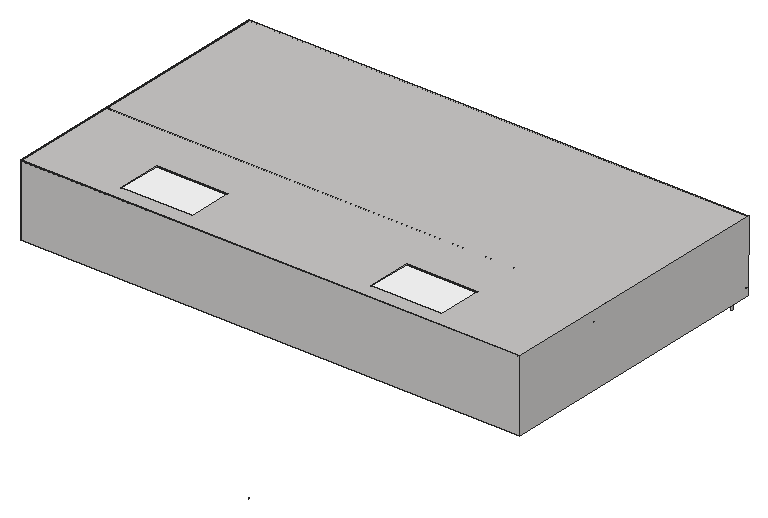
Revit family "QF_ZANUSSI_640033_EPF1628", category Attrezzature speciali, Revit 2021
Family settings
  Quota connettore circolare = Usa diametro
  Tipo di parte = Normale
  Basato su piano di lavoro = No
  Sempre verticale = Sì
  Taglio con vuoti quando caricato = No
  Condiviso = No
  Punto di calcolo locali = No
Parameters (values of type "Standard")
  Weight = 68.00 kg
  Watts = 0 W
  Volts = 0 V
  URL Manufacturer = "http://www.zanussiprofessional.com"
  URL = "http://www.zanussiprofessional.com"
  Steam Supply Size = 0 mm
  Steam Supply Minimum Pressure = 0.0 Pa
  Steam Supply Maximum Pressure = 0.0 Pa
  Steam Consumption per Hour = 0
  Refrigeration Suction Line Size = 0 mm
  Refrigeration Liquid Line Size = 0 mm
  Refrigerant Compressor Remote = yes
  Prospetto di default = 0 mm
  Produttore = "Zanussi"
  Phase = 0
  Modello = "EPF1628"
  Length Actual = 2800 mm  # constant formula
  Item Number = "640033"
  Hot Water Size = 0 mm
  Height Actual = 400 mm  # constant formula
  HP = "0 HP"
  Gas Size = 0 mm
  Gas KW = 0
  Gas Input Pressure = 0 W
  Direct Waste Size = 0 mm
  Descrizione = "304 S/S WALL HOOD+FILTERS 280X160 CM"
  Depth Actual = 1600 mm  # constant formula
  Cycle = 0 Hz
  Condensate Return Size = 0 mm
  Compressed Air Volume = 0.0 L/s
  Compressed Air Size = 0 mm
  Compressed Air Pressure = 0.0 Pa
  Cold Water Size = 0 mm
  Accessory = yes
Reference planes
  plane 1: z = 0
  plane 2 "Center (Left/Right)": x = 150
  plane 3 "LEFT": x = -1250
  plane 4 "RIGHT": x = 1550
  plane 5 "BACK": y = 550
  plane 6 "TOP": z = 2400
  plane 7 "Base": z = 2000
  plane 8: z = 1970
  plane 9 "DrainY": y = 450
  plane 10: x = -1247
  plane 11: y = -720
  plane 12: y = -970
  plane 13 "DrainX": x = 1537
  plane 14 "AOLeft2": x = -350
  plane 15 "AORight1": x = 650
  plane 16: x = 1547
  plane 17: x = -1050
  plane 18: x = 1350
  plane 19: through (0, -449.6, 2399.19) normal (0, -0.5736, 0.8192)
  plane 20: x = 50
  plane 21: x = 250
  plane 22 "Center (Front/Back)": y = -250
  plane 23 "Front": y = -1050
  plane 24 "AOLeft1": x = -750
  plane 25 "AORight2": x = 1050
Forms (mm)
  Extrusion 1, solid, material "QF_Finishes_Stainless Steel"
    sketch origin (-1250, 0, 360) x (0, 1, 0) y (0, 0, 1)
      loop
        line (550, 1640) -> (550, 2040) -> (-1050, 2040) -> (-1050, 1640) -> (550, 1640)
    from 0 to 3
  Extrusion 2, solid, material "QF_Finishes_Stainless Steel"
    sketch origin (1550, 0, 360) x (0, 1, 0) y (0, 0, 1)
      loop
        line (550, 1640) -> (550, 2040) -> (-1050, 2040) -> (-1050, 1640) -> (550, 1640)
    from 0 to -3
  Extrusion 3, solid, material "QF_Finishes_Stainless Steel"
    sketch origin (150, 0, 360) x (0, 1, 0) y (0, 0, 1)
      loop
        line (-1050, 2040) -> (-1050, 1640) -> (-1040, 1640) -> (-1040, 1640.8) -> (-1049.2, 1640.8) -> (-1049.2, 2039.19) -> (549.2, 2039.19) -> (549.2, 1640.8) -> (540, 1640.8) -> (540, 1640) -> (550, 1640) -> (550, 2040) -> (-1050, 2040)
    from -1400 to 1400
  Extrusion 4, solid, material "QF_Finishes_Stainless Steel"
    sketch origin (0, 0, 2000) x (0, 1, 0) y (-1, 0, 0)
      loop
        circle (450, -1537) r 4.763
    from -30 to 0
  Extrusion 5, void
    sketch origin (0, 0, 2400) x (0, 1, 0) y (-1, 0, 0)
      loop
        line (-720, 350) -> (-720, 750) -> (-970, 750) -> (-970, 350) -> (-720, 350)
    from 0 to -10
  Extrusion 6, solid, material "QF_Finishes_Stainless Steel"
    sketch origin (0, 0, 0) x (1, 0, 0) y (0, 1, 0)
      loop
        line (-1250, 550) -> (-1250, 549) -> (-1249, 549) -> (-1249, 550) -> (-1250, 550)
    from 0 to 1
  Extrusion 7, solid, material "QF_Finishes_Stainless Steel"
    sketch origin (150, 0, 360) x (0, 1, 0) y (0, 0, 1)
      loop
        line (-531.515, 1981.832) -> (-534.381, 1985.926) -> (-973.276, 1678.608) -> (-970.553, 1674.415) -> (-531.515, 1981.832)
    from -1200 to -1397
  Extrusion 8, solid, material "QF_Finishes_Stainless Steel"
    sketch origin (150, 0, 360) x (0, 1, 0) y (0, 0, 1)
      loop
        line (-1050, 2039.19) -> (-1050, 1640) -> (-1019.702, 1640) -> (-970.553, 1674.415) -> (-978.723, 1686.995) -> (-979.394, 1686.559) -> (-971.645, 1674.627) -> (-1019.955, 1640.8) -> (-1049.2, 1640.8) -> (-1049.2, 2039.19) -> (-1050, 2039.19)
      loop
        line (-449.6, 2039.19) -> (-450.995, 2039.19) -> (-531.319, 1982.947) -> (-539.464, 1994.578) -> (-540.119, 1994.12) -> (-531.515, 1981.832) -> (-449.6, 2039.19)
    from -1397 to 1397
  Extrusion 9, solid, material "QF_Finishes_Stainless Steel"
    sketch origin (150, 0, 360) x (0, 1, 0) y (0, 0, 1)
      loop
        line (-531.515, 1981.832) -> (-534.381, 1985.926) -> (-973.276, 1678.608) -> (-970.553, 1674.415) -> (-531.515, 1981.832)
    from 1397 to 1200
  Extrusion 10, solid, material "QF_Finishes_Stainless Steel"
    sketch origin (150, 0, 360) x (0, 1, 0) y (0, 0, 1)
      loop
        line (-531.515, 1981.832) -> (-534.381, 1985.926) -> (-973.276, 1678.608) -> (-970.553, 1674.415) -> (-531.515, 1981.832)
    from -100 to 100
  Extrusion 11, solid, material "QF_Finished_Chrome"
    sketch origin (150, 0, 360) x (0, 1, 0) y (0, 0, 1)
      loop
        line (-531.515, 1981.832) -> (-534.381, 1985.926) -> (-973.276, 1678.608) -> (-970.553, 1674.415) -> (-531.515, 1981.832)
    from -1200 to -100
  Extrusion 12, solid, material "QF_Finished_Chrome"
    sketch origin (150, 0, 360) x (0, 1, 0) y (0, 0, 1)
      loop
        line (-531.515, 1981.832) -> (-534.381, 1985.926) -> (-973.276, 1678.608) -> (-970.553, 1674.415) -> (-531.515, 1981.832)
    from 100 to 1200
  Sweep 13, solid, material "QF_Finishes_Stainless Steel"
    path origin (0, 0, 0) x (1, 0, 0) y (0, 1, 0)
      loop
        line (1550, 550) -> (-1250, 550) -> (-1250, -1050) -> (1550, -1050) -> (1550, 550)
    profile origin (1550, -250, 0) x (1, 0, 0) y (0, 0, 1)
      loop
        line (-3, 2000) -> (-3, 2000.8) -> (-19, 2000.8) -> (-19, 2010) -> (-20, 2010) -> (-20, 2000) -> (-3, 2000)
  Extrusion 14, solid, material "QF_Finishes_Stainless Steel"
    sketch origin (150, 0, 0) x (0, 1, 0) y (0, 0, 1)
      loop
        line (108.687, 2305.487) -> (549.2, 2040.8) -> (549.2, 2041.733) -> (109.285, 2306.061) -> (-443.438, 2399.19) -> (-445.739, 2399.19) -> (108.687, 2305.487)
    from -1397 to 1397
  Extrusion 15, void
    sketch origin (0, 0, 2400) x (0, 1, 0) y (-1, 0, 0)
      loop
        line (-720, -1050) -> (-720, -650) -> (-970, -650) -> (-970, -1050) -> (-720, -1050)
    from 0 to -10
Cuts and joins
  Extrusion 5, Extrusion 15 cuts Extrusion 3
  joined: Extrusion 2, Extrusion 3, Sweep 13
Lines and regions (mm)
  symbolic lines, style "SpecialityEquipment", detail levels coarse
    curve 1: line (1550, 550, 2400) -> (-1250, 550, 2400)
    curve 2: line (-1250, 550, 2400) -> (-1250, -1050.8, 2400)
    curve 3: line (1550, -1050.8, 2400) -> (1550, 550, 2400)
    curve 4: line (-1250, 550, 0) -> (1550, -1050, 0)
    curve 5: line (1550, 550, 0) -> (-1250, -1050, 0)
  symbolic lines, detail levels coarse
    curve 6: line (-1250, -1050, 0) -> (1550, -1050, 0)
    curve 7: line (-350, -720, 0) -> (-750, -720, 0)
    curve 8: line (-350, -970, 0) -> (-350, -720, 0)
    curve 9: line (-750, -970, 0) -> (-350, -970, 0)
    curve 10: line (-750, -720, 0) -> (-750, -970, 0)
    curve 11: line (1050, -720, 0) -> (650, -720, 0)
    curve 12: line (1050, -970, 0) -> (1050, -720, 0)
    curve 13: line (650, -970, 0) -> (1050, -970, 0)
    curve 14: line (650, -720, 0) -> (650, -970, 0)
Dimensions and locks
  plane 3 "LEFT" to plane 4 "RIGHT" = 2800 mm
  equal spacing: plane 3 "LEFT", plane 2 "Center (Left/Right)", plane 4 "RIGHT"
  plane 7 "Base" to plane 8 = 30 mm
  plane 5 "BACK" to plane 9 "DrainY" = 100 mm  (x2)
  plane 3 "LEFT" to plane 10 = 3 mm
  plane 13 "DrainX" to plane 4 "RIGHT" = 13 mm
  plane 16 to plane 4 "RIGHT" = 3 mm
  plane 3 "LEFT" to plane 17 = 200 mm
  plane 18 to plane 4 "RIGHT" = 200 mm
  locked: plane 14 "AOLeft2" to plane 15 "AORight1" at 1000
  equal spacing: plane 14 "AOLeft2", plane 2 "Center (Left/Right)", plane 15 "AORight1"
  locked: plane 7 "Base" to level at 2000
  locked: plane 6 "TOP" to plane 7 "Base" at 400
  locked: plane 20 to plane 21 at 200
  equal spacing: plane 20, plane 2 "Center (Left/Right)", plane 21
  locked: plane 11 to plane 12 at 250
  plane 5 "BACK" to plane 23 "Front" = 1600 mm  (x2)
  equal spacing: plane 5 "BACK", plane 22 "Center (Front/Back)", plane 23 "Front"
  plane 12 to plane 23 "Front" = 80 mm
  plane 24 "AOLeft1" to plane 14 "AOLeft2" = 400 mm
  plane 15 "AORight1" to plane 25 "AORight2" = 400 mm
  aligned and locked: level to plane 1
  aligned and locked: plane 4 "RIGHT" to Extrusion 3
  aligned and locked: Extrusion 3 to plane 3 "LEFT"
  aligned and locked: Extrusion 5 to plane 12
  aligned and locked: Extrusion 5 to plane 11
  aligned and locked: Extrusion 7 to plane 10
  aligned and locked: Extrusion 7 to plane 17
  aligned and locked: Extrusion 2 to plane 16
  aligned and locked: plane 16 to Extrusion 9
  aligned and locked: plane 18 to Extrusion 9
  aligned and locked: Extrusion 10 to plane 21
  aligned and locked: Extrusion 10 to plane 20
  aligned and locked: Extrusion 11 to plane 20
  aligned and locked: plane 17 to Extrusion 11
  aligned and locked: Extrusion 12 to plane 21
  aligned and locked: Extrusion 12 to plane 18
  aligned and locked: Extrusion 14 to plane 10
  aligned and locked: plane 16 to Extrusion 14
  aligned and locked: Extrusion 8 to plane 10
  aligned and locked: Extrusion 8 to plane 16
  aligned and locked: Extrusion 1 to plane 23 "Front"
  aligned and locked: Extrusion 5 to plane 24 "AOLeft1"
  aligned and locked: Extrusion 5 to plane 14 "AOLeft2"
  aligned and locked: plane 15 "AORight1" to Extrusion 15
  aligned and locked: plane 25 "AORight2" to Extrusion 15
Automatic sketch dimensions
  curve 6 to plane 3 "LEFT" = 0 mm
  curve 4 to plane 3 "LEFT" = 0 mm
  curve 5 to plane 4 "RIGHT" = 0 mm
  curve 6 to plane 4 "RIGHT" = 0 mm
  curve 4 to plane 23 "Front" = 0 mm
  curve 5 to plane 5 "BACK" = 0 mm
  curve 4 to plane 5 "BACK" = 0 mm
  curve 2 to plane 3 "LEFT" = 0 mm
  curve 3 to plane 4 "RIGHT" = 0 mm
  curve 2 to plane 5 "BACK" = 0 mm
  curve 3 to plane 23 "Front" = 0.8 mm
  curve 2 to plane 23 "Front" = 0.8 mm
  Extrusion 1 sketch curve to plane 7 "Base" = 0 mm
  Extrusion 1 sketch curve to plane 23 "Front" = 0 mm
  Extrusion 1 sketch curve to plane 5 "BACK" = 0 mm
  Extrusion 1 sketch curve to plane 6 "TOP" = 0 mm
  Extrusion 2 sketch curve to plane 7 "Base" = 0 mm
  Extrusion 2 sketch curve to plane 23 "Front" = 0 mm
  Extrusion 2 sketch curve to plane 5 "BACK" = 0 mm
  Extrusion 2 sketch curve to plane 6 "TOP" = 0 mm
  Extrusion 3 sketch curve to plane 6 "TOP" = 0 mm
  Extrusion 3 sketch curve to plane 23 "Front" = 0 mm
  Extrusion 3 sketch curve to plane 7 "Base" = 0 mm  (x2)
  Extrusion 3 sketch curve to plane 5 "BACK" = 0 mm
  plane 23 "Front" to Extrusion 3 sketch curve = 0.8 mm
  Extrusion 3 sketch curve to Extrusion 3 sketch curve = 9.2 mm
  plane 7 "Base" to Extrusion 3 sketch curve = 0.8 mm  (x2)
  Extrusion 3 sketch curve to plane 5 "BACK" = 10 mm
  Extrusion 3 sketch curve to plane 5 "BACK" = 0.8 mm
  Extrusion 3 sketch curve to plane 6 "TOP" = 0.81 mm
  Extrusion 4 sketch curve to plane 9 "DrainY" = 0 mm
  Extrusion 4 sketch curve to plane 13 "DrainX" = 0 mm
  Extrusion 5 sketch curve to plane 12 = 0 mm
  plane 11 to Extrusion 5 sketch curve = 0 mm
  Extrusion 5 sketch curve to plane 14 "AOLeft2" = 0 mm
  Extrusion 5 sketch curve to plane 24 "AOLeft1" = 0 mm
  Extrusion 6 sketch curve to plane 3 "LEFT" = 0 mm
  Extrusion 6 sketch curve to plane 5 "BACK" = 0 mm
  plane 3 "LEFT" to Extrusion 6 sketch curve = 1 mm
  Extrusion 6 sketch curve to Extrusion 6 sketch curve = 1 mm
  Extrusion 7 sketch curve to plane 19 = 0 mm  (x2)
  Extrusion 7 sketch curve to plane 12 = 3.276 mm
  Extrusion 7 sketch curve to plane 12 = 0.553 mm
  Extrusion 7 sketch curve to plane 6 "TOP" = 54.074 mm
  Extrusion 7 sketch curve to plane 11 = 185.619 mm
  Extrusion 8 sketch curve to plane 23 "Front" = 0 mm
  Extrusion 8 sketch curve to plane 7 "Base" = 0 mm
  Extrusion 8 sketch curve to plane 19 = 0 mm  (x4)
  plane 23 "Front" to Extrusion 8 sketch curve = 0.8 mm
  Extrusion 8 sketch curve to Extrusion 8 sketch curve = 0.252 mm
  Extrusion 8 sketch curve to plane 12 = 9.394 mm
  Extrusion 8 sketch curve to Extrusion 8 sketch curve = 0.671 mm
  Extrusion 8 sketch curve to plane 12 = 1.645 mm
  Extrusion 8 sketch curve to plane 12 = 0.553 mm
  Extrusion 8 sketch curve to plane 6 "TOP" = 45.88 mm
  Extrusion 8 sketch curve to plane 11 = 179.881 mm
  Extrusion 8 sketch curve to plane 6 "TOP" = 45.422 mm
  Extrusion 8 sketch curve to plane 6 "TOP" = 57.053 mm
  Extrusion 8 sketch curve to plane 6 "TOP" = 0.81 mm  (x2)
  plane 7 "Base" to Extrusion 8 sketch curve = 0.8 mm
  Extrusion 8 sketch curve to Extrusion 8 sketch curve = 0.212 mm
  Extrusion 9 sketch curve to plane 19 = 0 mm  (x2)
  Extrusion 9 sketch curve to plane 12 = 3.276 mm
  Extrusion 9 sketch curve to plane 12 = 0.553 mm
  Extrusion 9 sketch curve to plane 6 "TOP" = 54.074 mm
  Extrusion 9 sketch curve to plane 11 = 185.619 mm
  Extrusion 10 sketch curve to plane 19 = 0 mm  (x2)
  Extrusion 10 sketch curve to plane 12 = 3.276 mm
  Extrusion 10 sketch curve to plane 12 = 0.553 mm
  Extrusion 10 sketch curve to plane 6 "TOP" = 54.074 mm
  Extrusion 10 sketch curve to plane 11 = 185.619 mm
  Extrusion 11 sketch curve to plane 19 = 0 mm  (x2)
  Extrusion 11 sketch curve to plane 12 = 3.276 mm
  Extrusion 11 sketch curve to plane 12 = 0.553 mm
  Extrusion 11 sketch curve to plane 6 "TOP" = 54.074 mm
  Extrusion 11 sketch curve to plane 11 = 185.619 mm
  Extrusion 12 sketch curve to plane 19 = 0 mm  (x2)
  Extrusion 12 sketch curve to plane 12 = 3.276 mm
  Extrusion 12 sketch curve to plane 12 = 0.553 mm
  Extrusion 12 sketch curve to plane 6 "TOP" = 54.074 mm
  Extrusion 12 sketch curve to plane 11 = 185.619 mm
  Sweep 13 sketch curve to plane 3 "LEFT" = 0 mm
  Sweep 13 sketch curve to plane 4 "RIGHT" = 0 mm
  Sweep 13 sketch curve to plane 23 "Front" = 0 mm
  Sweep 13 sketch curve to plane 5 "BACK" = 0 mm
  profile plane to Sweep 13 sketch curve = 20 mm
  Sweep 13 sketch curve to Sweep 13 sketch curve = 1 mm
  profile plane to Sweep 13 sketch curve = 3 mm
  level to Sweep 13 sketch curve = 2000 mm
  Sweep 13 sketch curve to Sweep 13 sketch curve = 0.8 mm
  Sweep 13 sketch curve to Sweep 13 sketch curve = 9.2 mm
  Extrusion 14 sketch curve to plane 6 "TOP" = 0.81 mm
  Extrusion 14 sketch curve to plane 22 "Center (Front/Back)" = 195.739 mm
  Extrusion 14 sketch curve to Extrusion 14 sketch curve = 2.3 mm
  Extrusion 14 sketch curve to plane 6 "TOP" = 94.513 mm
  Extrusion 14 sketch curve to plane 9 "DrainY" = 341.313 mm
  Extrusion 14 sketch curve to plane 6 "TOP" = 93.939 mm
  Extrusion 14 sketch curve to Extrusion 14 sketch curve = 0.598 mm
  Extrusion 14 sketch curve to plane 5 "BACK" = 0.8 mm
  plane 7 "Base" to Extrusion 14 sketch curve = 41.733 mm
  Extrusion 14 sketch curve to Extrusion 14 sketch curve = 0.933 mm
  Extrusion 15 sketch curve to plane 12 = 0 mm
  plane 11 to Extrusion 15 sketch curve = 0 mm
  Extrusion 15 sketch curve to plane 14 "AOLeft2" = 1400 mm
  plane 24 "AOLeft1" to Extrusion 15 sketch curve = 1400 mm
  plane 11 to curve 7 = 0 mm
  curve 8 to plane 12 = 0 mm
  curve 8 to plane 14 "AOLeft2" = 0 mm
  curve 9 to plane 24 "AOLeft1" = 0 mm
  plane 11 to curve 11 = 0 mm
  curve 11 to plane 15 "AORight1" = 0 mm
  curve 12 to plane 12 = 0 mm
  curve 12 to plane 25 "AORight2" = 0 mm
  radius of Extrusion 4 sketch curve = 4.763 mm
Connectors
  piping at (1537, 450, 1970), diameter 9.5
    settings: on Extrusion 4, index 1, connector inside diameter 609.6 mm, connector length 0 mm, flow factor 0, pipe flow 0.0 L/s, pressure drop 0.0 Pa, fitting loss kfactor 0, connector angle 0.00°, fixture units 0, engagement length 0 mm, angle of deflection 0.00°, flow configuration 1, flow direction 2, fitting loss method 0, system type 16, joint type 0, gender type 0, connector reference index -1, connector utility 0, adjustable connector no, is connector primary yes, connector description "Drain"
  hvac at (-550, -845, 2400)
    settings: on Extrusion 5, index 2, duct flow 0.0 L/s, flow factor 0, pres drop 0.0 Pa, loss coef 0, conn angle 0.00°, conn width 250 mm, conn height 400 mm, conn diameter 609.6 mm, duct sys type 3, conn prof type 1, flow config 1, flow direction 0, loss method 0, conn ref index -1, conn util no, is conn primary yes, conn desc "EXHAUST OUTLET"
  hvac at (850, -845, 2400)
    settings: on Extrusion 15, index 3, duct flow 0.0 L/s, flow factor 0, pres drop 0.0 Pa, loss coef 0, conn angle 0.00°, conn width 250 mm, conn height 400 mm, conn diameter 609.6 mm, duct sys type 3, conn prof type 1, flow config 1, flow direction 2, loss method 0, conn ref index -1, conn util no, is conn primary no, conn desc "EXHAUST OUTLET"
